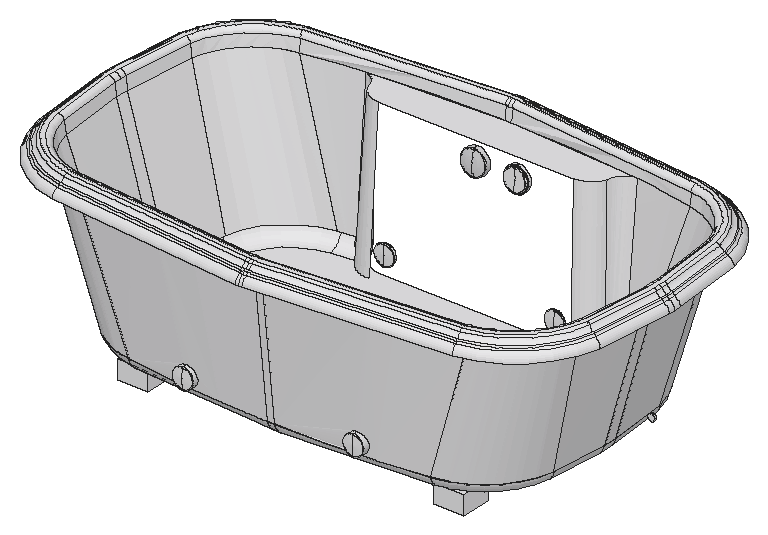
Revit family "Bath-Drop_In-BubbleMassage-KOHLER-PORTRAIT-K-1457T", category Plumbing Fixtures, host Face, Revit 2017 (continued)
Definition of nested family "K-1457T"
  Lines and regions (in)
    symbolic lines, detail levels medium+fine
      curve 37: arc (22.93599, 18.12814, 0) -> (11.70764, 19.60197, 0) -> (0.3937, 20.09449, 0) r 130.19625
      curve 38: arc (26.86242, 16.61341, 0) -> (24.97296, 17.56198, 0) -> (22.93599, 18.12814, 0) r 10.90551
      curve 39: arc (31.74938, 9.48645, 0) -> (30.63319, 12.58833, 0) -> (28.64112, 15.21496, 0) r 10.90551
      curve 40: arc (-32.59449, -0.7874, 0) -> (-32.38272, -5.15741, 0) -> (-31.74938, -9.48645, 0) r 45.19406
      curve 41: arc (-31.74938, -9.48645, 0) -> (-30.63319, -12.58833, 0) -> (-28.64112, -15.21496, 0) r 10.90551
      curve 42: arc (-26.86242, -16.61341, 0) -> (-24.97296, -17.56198, 0) -> (-22.93599, -18.12814, 0) r 10.90551
      curve 43: arc (-22.93599, -18.12814, 0) -> (-11.51152, -19.61893, 0) -> (0, -20.09389, 0) r 130.19625
      curve 44: arc (0, -20.09389, 0) -> (11.51152, -19.61893, 0) -> (22.93599, -18.12814, 0) r 130.19625
      curve 45: arc (28.64112, -15.21496, 0) -> (30.63319, -12.58833, 0) -> (31.74938, -9.48645, 0) r 10.90551
      curve 46: arc (31.74938, -9.48645, 0) -> (32.38272, -5.15741, 0) -> (32.59449, -0.7874, 0) r 45.19406
      curve 47: arc (32.59449, 0.7874, 0) -> (32.38272, 5.15741, 0) -> (31.74938, 9.48645, 0) r 45.19406
      curve 48: arc (-28.09287, 14.64978, 0) -> (-29.94111, 12.21281, 0) -> (-30.9767, 9.33489, 0) r 10.11811
      curve 49: arc (-30.9767, 9.33489, 0) -> (-31.599, 5.08127, 0) -> (-31.80709, 0.7874, 0) r 44.40666
      curve 50: arc (-31.80709, -0.7874, 0) -> (-31.599, -5.08127, 0) -> (-30.9767, -9.33489, 0) r 44.40666
      curve 51: arc (-30.9767, -9.33489, 0) -> (-29.94111, -12.21281, 0) -> (-28.09287, -14.64978, 0) r 10.11811
      curve 52: arc (-26.44259, -15.94726, 0) -> (-24.68956, -16.82734, 0) -> (-22.79965, -17.35264, 0) r 10.11811
      curve 53: arc (-22.79965, -17.35264, 0) -> (-11.4431, -18.8345, 0) -> (0, -19.30649, 0) r 129.40885
      curve 54: arc (0, -19.30649, 0) -> (11.4431, -18.8345, 0) -> (22.79965, -17.35264, 0) r 129.40885
      curve 55: arc (28.09287, -14.64978, 0) -> (29.94111, -12.21281, 0) -> (30.9767, -9.33489, 0) r 10.11811
      curve 56: arc (30.9767, -9.33489, 0) -> (31.599, -5.08127, 0) -> (31.80709, -0.7874, 0) r 44.40666
      curve 57: arc (31.80709, 0.7874, 0) -> (31.599, 5.08127, 0) -> (30.9767, 9.33489, 0) r 44.40666
      curve 58: arc (30.9767, 9.33489, 0) -> (29.94111, 12.21281, 0) -> (28.09287, 14.64978, 0) r 10.11811
      curve 59: arc (26.44259, 15.94726, 0) -> (24.68956, 16.82734, 0) -> (22.79965, 17.35264, 0) r 10.11811
      curve 60: arc (22.79965, 17.35264, 0) -> (11.4431, 18.8345, 0) -> (0, 19.30649, 0) r 129.40885
      curve 61: arc (0, 19.30649, 0) -> (-11.4431, 18.8345, 0) -> (-22.79965, 17.35264, 0) r 129.40885
      curve 62: arc (-22.79965, 17.35264, 0) -> (-24.68956, 16.82734, 0) -> (-26.44259, 15.94726, 0) r 10.11811
      curve 63: arc (-28.83078, 15.65045, 0) -> (-28.80974, 15.54066, 0) -> (-28.86042, 15.44102, 0) r 0.17249
      curve 64: arc (-28.74959, 16.11649, 0) -> (-28.87418, 15.8981, 0) -> (-28.83078, 15.65045, 0) r 0.37074
      curve 65: arc (-27.35176, 16.88341, 0) -> (-27.4831, 16.93075, 0) -> (-27.61928, 16.90002, 0) r 0.24916
      curve 66: arc (-27.03035, 16.87986, 0) -> (-27.19162, 16.83025, 0) -> (-27.35176, 16.88341, 0) r 0.27702
      curve 67: line (-0.3937, 20.40945, 0) -> (0.3937, 20.40945, 0)
      curve 68: line (-0.3937, 20.09449, 0) -> (0.3937, 20.09449, 0)
      curve 69: arc (-27.4285, 16.55564, 0) -> (-27.9798, 16.21305, 0) -> (-28.49403, 15.817, 0) r 6.47626
      curve 70: arc (-27.04694, 15.86686, 0) -> (-27.53121, 15.56593, 0) -> (-27.98292, 15.21803, 0) r 5.68886
      curve 71: arc (-28.49403, 15.817, 0) -> (-28.55377, 15.72193, 0) -> (-28.54862, 15.60976, 0) r 0.18791
      curve 72: arc (-28.54862, 15.60976, 0) -> (-28.53603, 15.39857, 0) -> (-28.64112, 15.21496, 0) r 0.37029
      curve 73: arc (-27.18876, 16.55871, 0) -> (-27.30902, 16.58734, 0) -> (-27.4285, 16.55564, 0) r 0.25327
      curve 74: arc (-26.86242, 16.61341, 0) -> (-27.01643, 16.53142, 0) -> (-27.18876, 16.55871, 0) r 0.27473
      curve 75: arc (-27.98292, 15.21803, 0) -> (-28.05765, 15.10969, 0) -> (-28.06852, 14.97853, 0) r 0.25543
      curve 76: arc (-28.06852, 14.97853, 0) -> (-28.05989, 14.81262, 0) -> (-28.09287, 14.64978, 0) r 0.66162
      curve 77: arc (-26.79934, 15.89363, 0) -> (-26.92584, 15.90522, 0) -> (-27.04694, 15.86686, 0) r 0.32115
      curve 78: arc (-26.44259, 15.94726, 0) -> (-26.61497, 15.88059, 0) -> (-26.79934, 15.89363, 0) r 0.42378
      curve 79: arc (28.79867, 16.07421, 0) -> (28.23067, 16.5181, 0) -> (27.61928, 16.90002, 0) r 6.86996
      curve 80: arc (28.5403, 15.77715, 0) -> (28.00485, 16.1956, 0) -> (27.4285, 16.55564, 0) r 6.47626
      curve 81: arc (28.02356, 15.18302, 0) -> (27.55321, 15.55059, 0) -> (27.04694, 15.86686, 0) r 5.68886
      curve 82: arc (27.61928, 16.90002, 0) -> (27.50876, 16.93533, 0) -> (27.39315, 16.92559, 0) r 0.29691
      curve 83: arc (27.39315, 16.92559, 0) -> (27.21353, 16.88861, 0) -> (27.03035, 16.87986, 0) r 1.18172
      curve 84: arc (28.88706, 15.78867, 0) -> (28.88351, 15.94402, 0) -> (28.79867, 16.07421, 0) r 0.28375
      curve 85: arc (28.86042, 15.44102, 0) -> (28.85823, 15.61604, 0) -> (28.88706, 15.78867, 0) r 0.98443
      curve 86: arc (27.4285, 16.55564, 0) -> (27.30892, 16.58607, 0) -> (27.18981, 16.55387, 0) r 0.24305
      curve 87: arc (27.18981, 16.55387, 0) -> (27.01524, 16.52383, 0) -> (26.86242, 16.61341, 0) r 0.25808
      curve 88: arc (28.60538, 15.53312, 0) -> (28.6102, 15.6651, 0) -> (28.5403, 15.77715, 0) r 0.22552
      curve 89: arc (28.64112, 15.21496, 0) -> (28.58722, 15.36999, 0) -> (28.60538, 15.53312, 0) r 0.37149
      curve 90: arc (27.04694, 15.86686, 0) -> (26.91331, 15.90849, 0) -> (26.77413, 15.89371, 0) r 0.34563
      curve 91: arc (26.77413, 15.89371, 0) -> (26.60195, 15.88082, 0) -> (26.44259, 15.94726, 0) r 0.37092
      curve 92: arc (28.09825, 14.9665, 0) -> (28.08987, 15.08475, 0) -> (28.02356, 15.18302, 0) r 0.22937
      curve 93: arc (28.09287, 14.64978, 0) -> (28.08178, 14.80838, 0) -> (28.09825, 14.9665, 0) r 0.91709
      curve 94: line (32.90945, 0.7874, 0) -> (32.90945, -0.7874, 0)
      curve 95: line (32.59449, 0.7874, 0) -> (32.59449, -0.7874, 0)
      curve 96: line (31.80709, 0.7874, 0) -> (31.80709, -0.7874, 0)
      curve 97: arc (27.61928, -16.90002, 0) -> (28.23067, -16.5181, 0) -> (28.79867, -16.07421, 0) r 6.86996
      curve 98: arc (27.33311, -16.38344, 0) -> (27.89194, -16.03435, 0) -> (28.41111, -15.62861, 0) r 6.27941
      curve 99: arc (27.04694, -15.86686, 0) -> (27.55321, -15.55059, 0) -> (28.02356, -15.18302, 0) r 5.68886
      curve 100: arc (22.93599, -18.12814, 0) -> (24.97296, -17.56198, 0) -> (26.86242, -16.61341, 0) r 10.90551
      curve 101: arc (22.79965, -17.35264, 0) -> (24.68956, -16.82734, 0) -> (26.44259, -15.94726, 0) r 10.11811
      curve 102: arc (28.79867, -16.07421, 0) -> (28.86129, -15.96586, 0) -> (28.84412, -15.8419, 0) r 0.19262
      curve 103: arc (28.84412, -15.8419, 0) -> (28.80012, -15.63934, 0) -> (28.86042, -15.44102, 0) r 0.41155
      curve 104: arc (27.38894, -16.90768, 0) -> (27.50503, -16.93159, 0) -> (27.61928, -16.90002, 0) r 0.25313
      curve 105: arc (27.03035, -16.87986, 0) -> (27.21219, -16.86096, 0) -> (27.38894, -16.90768, 0) r 0.50783
      curve 106: arc (28.41111, -15.62861, 0) -> (28.46517, -15.55666, 0) -> (28.48506, -15.46888, 0) r 0.21516
      curve 107: arc (28.48506, -15.46888, 0) -> (28.52803, -15.32037, 0) -> (28.64112, -15.21496, 0) r 0.29038
      curve 108: arc (27.10637, -16.47325, 0) -> (27.22264, -16.43566, 0) -> (27.33311, -16.38344, 0) r 0.94981
      curve 109: arc (26.86242, -16.61341, 0) -> (26.97477, -16.52657, 0) -> (27.10637, -16.47325, 0) r 0.52166
      curve 110: arc (28.02356, -15.18302, 0) -> (28.088, -15.08073, 0) -> (28.08517, -14.95987, 0) r 0.20943
      curve 111: arc (28.08517, -14.95987, 0) -> (28.06232, -14.80417, 0) -> (28.09287, -14.64978, 0) r 0.46372
      curve 112: arc (26.73829, -15.92471, 0) -> (26.89729, -15.92074, 0) -> (27.04694, -15.86686, 0) r 0.49822
      curve 113: arc (26.44259, -15.94726, 0) -> (26.58924, -15.92029, 0) -> (26.73829, -15.92471, 0) r 0.7064
      curve 114: arc (-28.79867, -16.07421, 0) -> (-28.23067, -16.5181, 0) -> (-27.61928, -16.90002, 0) r 6.86996
      curve 115: arc (-28.48863, -15.71773, 0) -> (-27.95969, -16.1311, 0) -> (-27.39034, -16.48676, 0) r 6.39752
      curve 116: arc (-27.97189, -15.12361, 0) -> (-27.50805, -15.48609, 0) -> (-27.00878, -15.79798, 0) r 5.61012
      curve 117: arc (-27.61928, -16.90002, 0) -> (-27.48852, -16.93335, 0) -> (-27.35822, -16.89826, 0) r 0.26614
      curve 118: arc (-27.35822, -16.89826, 0) -> (-27.19646, -16.8504, 0) -> (-27.03035, -16.87986, 0) r 0.36741
      curve 119: arc (-27.39034, -16.48676, 0) -> (-27.27423, -16.525, 0) -> (-27.15218, -16.51801, 0) r 0.32756
      curve 120: arc (-27.15218, -16.51801, 0) -> (-26.99351, -16.52381, 0) -> (-26.86242, -16.61341, 0) r 0.28579
      curve 121: arc (-27.00878, -15.79798, 0) -> (-26.87693, -15.84777, 0) -> (-26.73636, -15.85782, 0) r 0.48827
      curve 122: arc (-26.73636, -15.85782, 0) -> (-26.58113, -15.87514, 0) -> (-26.44259, -15.94726, 0) r 0.42573
      curve 123: arc (-28.86314, -15.7756, 0) -> (-28.88057, -15.93563, 0) -> (-28.79867, -16.07421, 0) r 0.25499
      curve 124: arc (-28.86042, -15.44102, 0) -> (-28.826, -15.6086, 0) -> (-28.86314, -15.7756, 0) r 0.4089
      curve 125: arc (-28.56908, -15.49303, 0) -> (-28.55821, -15.61589, 0) -> (-28.48863, -15.71773, 0) r 0.24395
      curve 126: arc (-28.64112, -15.21496, 0) -> (-28.5754, -15.3463, 0) -> (-28.56908, -15.49303, 0) r 0.35157
      curve 127: arc (-28.07248, -14.91299, 0) -> (-28.04405, -15.02874, 0) -> (-27.97189, -15.12361, 0) r 0.29318
      curve 128: arc (-28.09287, -14.64978, 0) -> (-28.07996, -14.78117, 0) -> (-28.07248, -14.91299, 0) r 3.2075
      curve 129: line (-32.90945, -0.7874, 0) -> (-32.90945, 0.7874, 0)
      curve 130: line (-32.59449, -0.7874, 0) -> (-32.59449, 0.7874, 0)
      curve 131: line (-31.80709, -0.7874, 0) -> (-31.80709, 0.7874, 0)
      curve 147: arc (-15.96865, 16.89893, 0) -> (-14.05891, 16.06551, 0) -> (-12.84199, 14.3741, 0) r 3.93701
      curve 148: arc (-12.84199, 14.3741, 0) -> (-12.50214, 13.95308, 0) -> (-11.97723, 13.82178, 0) r 0.85162
      curve 149: arc (-11.97723, 13.82178, 0) -> (0, 14.29007, 0) -> (11.97723, 13.82178, 0) r 153.40073
      curve 150: arc (11.97723, 13.82178, 0) -> (12.50214, 13.95308, 0) -> (12.84199, 14.3741, 0) r 0.85162
      curve 151: arc (12.84199, 14.3741, 0) -> (14.05891, 16.06551, 0) -> (15.96865, 16.89893, 0) r 3.93701
      curve 152: line (-1.48987, 13.40086, 0) -> (-1.48987, 12.8924, 0)
      curve 153: line (1.46289, 13.40086, 0) -> (1.46289, 12.923, 0)
      curve 154: arc (-1.40986, 12.78855, 0) -> (-0.02915, 12.60746, 0) -> (1.35258, 12.78065, 0) r 5.47359
      curve 155: arc (-1.48987, 13.40086, 0) -> (-0.01349, 13.48789, 0) -> (1.46289, 13.40086, 0) r 12.56615
      curve 156: arc (-1.48987, 13.40086, 0) -> (-0.01349, 13.32535, 0) -> (1.46289, 13.40086, 0) r 14.46955
      curve 157: arc (-1.48987, 12.8924, 0) -> (-1.46755, 12.82686, 0) -> (-1.40986, 12.78855, 0) r 0.1074
      curve 158: arc (1.46289, 12.923, 0) -> (1.43208, 12.83295, 0) -> (1.35258, 12.78065, 0) r 0.147
      curve 159: line (3.51013, 13.40086, 0) -> (3.51013, 12.8924, 0)
      curve 160: line (6.46289, 13.40086, 0) -> (6.46289, 12.923, 0)
      curve 161: arc (3.59014, 12.78855, 0) -> (4.97085, 12.60746, 0) -> (6.35258, 12.78065, 0) r 5.47359
      curve 162: arc (3.51013, 13.40086, 0) -> (4.98651, 13.48789, 0) -> (6.46289, 13.40086, 0) r 12.56615
      curve 163: arc (3.51013, 13.40086, 0) -> (4.98651, 13.32535, 0) -> (6.46289, 13.40086, 0) r 14.46955
      curve 164: arc (3.51013, 12.8924, 0) -> (3.53245, 12.82686, 0) -> (3.59014, 12.78855, 0) r 0.1074
      curve 165: arc (6.46289, 12.923, 0) -> (6.43208, 12.83295, 0) -> (6.35258, 12.78065, 0) r 0.147
      curve 167: circle (0, 7.46063, 0) r 1.37795 normal (0, 0, 1)
      curve 168: arc (-16.47883, 14.18237, 0) -> (-21.60548, 12.47049, 0) -> (-24.25967, 7.76217, 0) r 7.51982
      curve 169: arc (-24.25967, 7.76217, 0) -> (-24.65327, 3.8914, 0) -> (-24.7022, 0.00098, 0) r 43.84835
      curve 170: arc (-15.42524, 13.41397, 0) -> (-15.83638, 13.95675, 0) -> (-16.47883, 14.18237, 0) r 1.1811
      curve 171: arc (-11.76206, 11.07428, 0) -> (-13.98558, 11.63049, 0) -> (-15.42524, 13.41397, 0) r 3.60753
      curve 172: arc (11.76206, 11.07428, 0) -> (0, 11.53416, 0) -> (-11.76206, 11.07428, 0) r 150.64482
      curve 173: arc (-24.7022, 0.00098, 0) -> (-24.65411, -3.85664, 0) -> (-24.27789, -7.69616, 0) r 45.29046
      curve 174: arc (-24.27789, -7.69616, 0) -> (-22.05077, -12.0636, 0) -> (-17.60826, -14.13694, 0) r 7.53629
      curve 175: arc (-17.60826, -14.13694, 0) -> (-8.81565, -14.88994, 0) -> (0, -15.29177, 0) r 221.29318
      curve 176: arc (0, -15.29177, 0) -> (8.81565, -14.88994, 0) -> (17.60826, -14.13694, 0) r 221.29318
      curve 177: arc (17.60826, -14.13694, 0) -> (22.05077, -12.0636, 0) -> (24.27789, -7.69616, 0) r 7.53629
      curve 178: arc (24.27789, -7.69616, 0) -> (24.65411, -3.85664, 0) -> (24.7022, 0.00098, 0) r 45.29046
      curve 179: arc (24.7022, 0.00098, 0) -> (24.65327, 3.8914, 0) -> (24.25967, 7.76217, 0) r 43.84835
      curve 180: arc (24.25967, 7.76217, 0) -> (21.60548, 12.47049, 0) -> (16.47883, 14.18237, 0) r 7.51982
      curve 181: arc (16.47883, 14.18237, 0) -> (15.83638, 13.95675, 0) -> (15.42524, 13.41397, 0) r 1.1811
      curve 182: arc (15.42524, 13.41397, 0) -> (13.98558, 11.63049, 0) -> (11.76206, 11.07428, 0) r 3.60753
      curve 183: line (-30.6907, 7.46063, 0) -> (30.6907, 7.46063, 0)
      curve 184: arc (-30.56267, 7.46063, 1.78041) -> (-30.42804, 7.46063, 1.9319) -> (-30.23335, 7.46063, 1.98819) r 0.36487
      curve 185: arc (-31.05114, 7.46063, 1.32133) -> (-30.76379, 7.46063, 1.505) -> (-30.56267, 7.46063, 1.78041) r 0.92375
      curve 186: arc (-31.20812, 7.46063, 1.15485) -> (-31.14788, 7.46063, 1.2553) -> (-31.05114, 7.46063, 1.32133) r 0.27344
      curve 187: arc (-31.41093, 7.46063, 0.92592) -> (-31.28628, 7.46063, 1.0198) -> (-31.20812, 7.46063, 1.15485) r 0.3921
      curve 188: arc (-32.02524, 7.46063, 0) -> (-31.84617, 7.46063, 0.54794) -> (-31.41093, 7.46063, 0.92592) r 1.08092
      curve 189: arc (-29.22813, 7.46063, 1.78041) -> (-29.0935, 7.46063, 1.9319) -> (-28.89881, 7.46063, 1.98819) r 0.36487
      curve 190: arc (-29.7166, 7.46063, 1.32133) -> (-29.42925, 7.46063, 1.505) -> (-29.22813, 7.46063, 1.78041) r 0.92375
      curve 191: arc (-29.87358, 7.46063, 1.15485) -> (-29.81334, 7.46063, 1.2553) -> (-29.7166, 7.46063, 1.32133) r 0.27344
      curve 192: arc (-30.07639, 7.46063, 0.92592) -> (-29.95174, 7.46063, 1.0198) -> (-29.87358, 7.46063, 1.15485) r 0.3921
      curve 193: arc (-30.6907, 7.46063, 0) -> (-30.51163, 7.46063, 0.54794) -> (-30.07639, 7.46063, 0.92592) r 1.08092
      curve 194: arc (30.56267, 7.46063, 1.78041) -> (30.42804, 7.46063, 1.9319) -> (30.23335, 7.46063, 1.98819) r 0.36487
      curve 195: arc (31.05114, 7.46063, 1.32133) -> (30.76379, 7.46063, 1.505) -> (30.56267, 7.46063, 1.78041) r 0.92375
      curve 196: arc (31.20812, 7.46063, 1.15485) -> (31.14788, 7.46063, 1.2553) -> (31.05114, 7.46063, 1.32133) r 0.27344
      curve 197: arc (31.41093, 7.46063, 0.92592) -> (31.28628, 7.46063, 1.0198) -> (31.20812, 7.46063, 1.15485) r 0.3921
      curve 198: arc (32.02524, 7.46063, 0) -> (31.84617, 7.46063, 0.54794) -> (31.41093, 7.46063, 0.92592) r 1.08092
      curve 199: arc (29.22813, 7.46063, 1.78041) -> (29.0935, 7.46063, 1.9319) -> (28.89881, 7.46063, 1.98819) r 0.36487
      curve 200: arc (29.7166, 7.46063, 1.32133) -> (29.42925, 7.46063, 1.505) -> (29.22813, 7.46063, 1.78041) r 0.92375
      curve 201: arc (29.87358, 7.46063, 1.15485) -> (29.81334, 7.46063, 1.2553) -> (29.7166, 7.46063, 1.32133) r 0.27344
      curve 202: arc (30.07639, 7.46063, 0.92592) -> (29.95174, 7.46063, 1.0198) -> (29.87358, 7.46063, 1.15485) r 0.3921
      curve 203: arc (30.6907, 7.46063, 0) -> (30.51163, 7.46063, 0.54794) -> (30.07639, 7.46063, 0.92592) r 1.08092
      curve 204: line (-32.5259, 7.46063, 1.32133) -> (32.5259, 7.46063, 1.32133)
      curve 205: line (32.88569, 7.46063, 0.92592) -> (-32.88569, 7.46063, 0.92592)
      curve 206: line (-25.96189, 7.46063, -16.19718) -> (25.96189, 7.46063, -16.19718)
      curve 207: line (-22, 7.46063, -17.84082) -> (0, 7.46063, -18.49663)
      curve 208: line (-20, 7.46063, -18.41429) -> (-16.45827, 7.46063, -18.51987)
      curve 209: line (-0.72136, 7.46063, -20.01181) -> (0.72136, 7.46063, -20.01181)
      curve 210: line (20, 7.46063, -18.41429) -> (16.45669, 7.46063, -18.41429)
      curve 211: line (22, 7.46063, -17.84082) -> (0, 7.46063, -18.49663)
      curve 212: line (-1.75, 7.46063, -18.9685) -> (1.75, 7.46063, -18.9685)
      curve 213: arc (5, 18.33144, 1.78005) -> (5, 18.20466, 1.93148) -> (5, 18.01548, 1.98819) r 0.34388
      curve 214: arc (5, 18.83236, 1.31803) -> (5, 18.53266, 1.49566) -> (5, 18.33144, 1.78005) r 0.83566
      curve 215: arc (5, 18.98183, 1.15329) -> (5, 18.92851, 1.2551) -> (5, 18.83236, 1.31803) r 0.22829
      curve 216: arc (5, 19.18193, 0.92778) -> (5, 19.05322, 1.01511) -> (5, 18.98183, 1.15329) r 0.31573
      curve 217: arc (5, 19.79947, 0) -> (5, 19.64347, 0.56557) -> (5, 19.18193, 0.92778) r 0.93785
      curve 218: arc (5, 17.20913, 1.78005) -> (5, 17.08235, 1.93148) -> (5, 16.89317, 1.98819) r 0.34388
      curve 219: arc (5, 17.71005, 1.31803) -> (5, 17.41035, 1.49566) -> (5, 17.20913, 1.78005) r 0.83566
      curve 220: arc (5, 17.85952, 1.15329) -> (5, 17.8062, 1.2551) -> (5, 17.71005, 1.31803) r 0.22829
      curve 221: arc (5, 18.05962, 0.92778) -> (5, 17.93091, 1.01511) -> (5, 17.85952, 1.15329) r 0.31573
      curve 222: arc (5, 18.67717, 0) -> (5, 18.52116, 0.56557) -> (5, 18.05962, 0.92778) r 0.93785
      curve 223: arc (5, -18.33144, 1.78005) -> (5, -18.20466, 1.93148) -> (5, -18.01548, 1.98819) r 0.34388
      curve 224: arc (5, -18.83236, 1.31803) -> (5, -18.53266, 1.49566) -> (5, -18.33144, 1.78005) r 0.83566
      curve 225: arc (5, -18.98183, 1.15329) -> (5, -18.92851, 1.2551) -> (5, -18.83236, 1.31803) r 0.22829
      curve 226: arc (5, -19.18193, 0.92778) -> (5, -19.05322, 1.01511) -> (5, -18.98183, 1.15329) r 0.31573
      curve 227: arc (5, -19.79947, 0) -> (5, -19.64347, 0.56557) -> (5, -19.18193, 0.92778) r 0.93785
      curve 228: arc (5, -17.20913, 1.78005) -> (5, -17.08235, 1.93148) -> (5, -16.89317, 1.98819) r 0.34388
      curve 229: arc (5, -17.71005, 1.31803) -> (5, -17.41035, 1.49566) -> (5, -17.20913, 1.78005) r 0.83566
      curve 230: arc (5, -17.85952, 1.15329) -> (5, -17.8062, 1.2551) -> (5, -17.71005, 1.31803) r 0.22829
      curve 231: arc (5, -18.05962, 0.92778) -> (5, -17.93091, 1.01511) -> (5, -17.85952, 1.15329) r 0.31573
      curve 232: arc (5, -18.67717, 0) -> (5, -18.52116, 0.56557) -> (5, -18.05962, 0.92778) r 0.93785
      curve 233: line (5, 16.95553, 0) -> (5, -18.21323, 0)
      curve 234: line (5, -20.03288, 1.31803) -> (5, 20.03288, 1.31803)
      curve 235: line (5, 20.38246, 0.92778) -> (5, -20.38246, 0.92778)
      curve 236: line (5, -16.89361, 0) -> (5, -15.56603, -15.17428)
      curve 237: line (5, 12.96, -18.04172) -> (5, -14.04, -17.6931)
      curve 238: line (5, 12.46, -18.52964) -> (5, 12.46, -18.03526)
      curve 239: line (5, 11.96, -18.0288) -> (5, 11.96, -18.42251)
      curve 240: line (5, 11.96, -18.42251) -> (5, -13.03792, -18.09974)
      curve 241: line (5, -13.03792, -18.09974) -> (5, -13.03792, -17.70604)
      curve 242: line (5, -13.54, -18.34753) -> (5, -13.54, -17.69956)
      curve 243: line (5, -10.04, -18.49281) -> (5, -10.04, -18.13845)
      curve 244: line (5, -2.29, -18.81451) -> (5, 1.19808, -18.8754)
      curve 245: line (5, 8.42274, -18.9685) -> (5, 6.53206, -18.9685)
      curve 246: line (5, 8.96, -18.9685) -> (5, 8.96, -18.38377)
      curve 247: arc (5, -15.56603, -15.17428) -> (5, -14.7622, -16.89973) -> (5, -13.03792, -17.70604) r 2.78548
      curve 248: line (5, -16.76993, -14.06183) -> (5, -16.62634, -15.7031)
      curve 249: line (5, 8.21005, -19.26237) -> (5, 6.73769, -19.26237)
      curve 250: line (5, 15.51805, -16.23475) -> (5, -16.57385, -16.23475)
      curve 251: circle (-10.05338, 7.46063, -14.82723) r 0.98425 normal (0, 1, 0)
      curve 252: circle (10.05338, 7.46063, -14.82723) r 0.98425 normal (0, -1, 0)
  Dimensions and locks (in)
    plane 3 "Center (Left/Right)" to plane 5 = 33 1/2"
    plane 6 to plane 8 = 13.53937"
    plane 6 to plane 1 "Center (Front/Back)" = 21"
    plane 6 to plane 7 = 42"
    plane 4 to plane 5 = 67"
    plane 12 to plane 14 = 51.76772"
    plane 9 to plane 10 = 61.74016"
    plane 15 to plane 13 = 29.14567"
    plane 11 to plane 16 = 37.35433"
    plane 17 to level = 1.98819"
    plane 17 to plane 20 = 3.50394"
    plane 20 to plane 21 = 17.45276"
    plane 21 to plane 22 = 2.99606"
    aligned and locked: plane 2 to level
